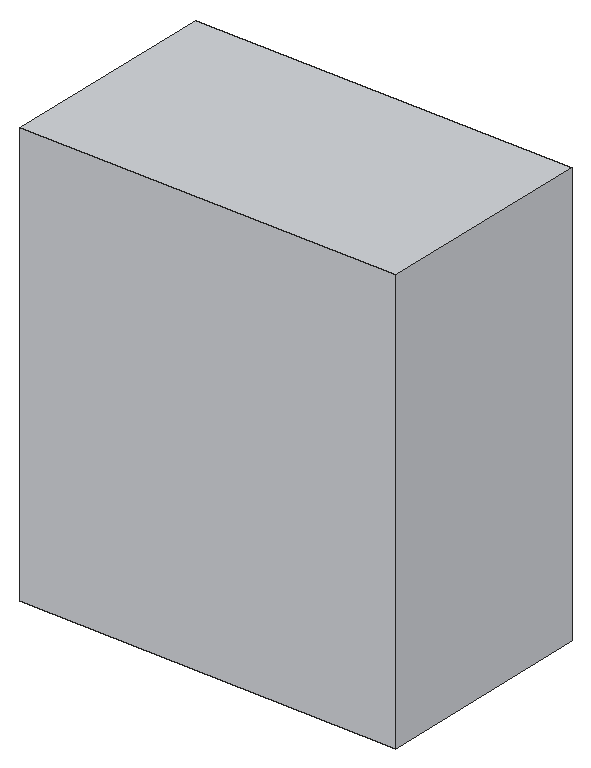
Revit family "KG_W_Lautsprecher_V1700", category Kommunikationsgeräte, Revit 2017
Family settings
  Beschriftungsausrichtung beibehalten = Nein
  Bemaßung runder Anschluss = Durchmesser verwenden
  Teiletyp = Normal
  OmniClass-Nummer = 23.85.10.11.11.21
  OmniClass-Titel = Speakers
  Arbeitsebenenbasiert = Nein
  Immer vertikal = Ja
  Beim Laden mit Abzugskörper schneiden = Ja
  Gemeinsam genutzt = Nein
  Raumberechnungspunkt = Nein
Parameters (values of type "Lautsprecher")
  pbr_Material_KZ = ""
  pbr_Material = none
  pbr_E_Typ = ""
  pbr_E_KZ = ""
  pbr_DINBild = 0
  pbr_Bild = 0
  pbr_3Dx_Delta_Korrekturversatz [instance] = 0 mm
  pbr_3DX_Versatzfaktor [instance] = 0
  pbr_2DY_Versatzfaktor [instance] = 0
  pbr_2DX_Versatzfaktor [instance] = 0
  lfd_STRK [instance] = 0
  cpiFitMatchKey [instance] = "E-AuV LAP"  # constant formula
  Zentrale [instance] = ""
  YFrontversatz [instance] = if(pbr_2DY_Versatzfaktor = 300, 0 mm, pbr_2DY_Versatzfaktor * 300 mm)  # 0 mm
  XSeitenversatz [instance] = if(pbr_2DX_Versatzfaktor = 0, 3000 mm, 3000 mm + (pbr_2DX_Versatzfaktor * 300 mm)) + Eckversatz  # 3000 mm
  X3Dversatz [instance] = 2000 mm
  Typ [instance] = ""
  Text3 [instance] = ""
  Text2 [instance] = ""
  Text1 [instance] = ""
  Planungsbüro Rohling = "www.pbr.de"
  Niveau [instance] = 2000 mm
  Netzart = ""
  Menge(Dosenzahl) [instance] = 0
  Linie/Anschluss [instance] = ""
  Linie [instance] = ""
  Lautsprecher Anbau Typ B = no
  Lautsprecher Anbau Typ A = no
  Lautsprecher = yes
  Lastklassifizierung = none
  Installationsart [instance] = ""
  Info [instance] = ""
  Gewerk [instance] = "ELA"
  Eckversatz = 0 mm
  Bus [instance] = ""
  Betriebsstrom ruhe [instance] = 0
  Betriebsstrom max [instance] = 0
  Aussenlautsprecher = no
  3DX_Versatzkontrolle [instance] = if(pbr_3DX_Versatzfaktor = 0, (pbr_2DX_Versatzfaktor * -1), (((-1 * pbr_3DX_Versatzfaktor) + pbr_2DX_Versatzfaktor) * -1))  # 0
  3DX_Versatz [instance] = 0 mm
Types (4, lengths in mm): name | Lautsprecher Anbau Typ B | Lautsprecher Anbau Typ A | Lautsprecher | Aussenlautsprecher
  Aussenlautsprecher | no | no | no | yes
  Lautsprecher | no | no | yes | no
  Anbau_Lautsprecher_TypB | yes | no | no | no
  Anbau_Lautsprecher_TypA | no | yes | no | no
Reference planes
  plane 1 "Mitte (Vorne/Hinten)": y = 0
  plane 2: z = 0
  plane 3 "Mitte (Links/Rechts)": x = 0
  plane 4: x = -125
  plane 5: x = 125
  plane 6: y = 300
  plane 7 "Schalterhinten": y = 0
  plane 8: x = -3000
  plane 9: x = 0
  plane 10: x = -2000
  plane 11: x = -86.5
  plane 12: x = 86.5
  plane 13: z = 2097.5
  plane 14: z = 1902.5
  plane 15 "SchalterVorne": y = 101
  plane 16 "3DSchalterMitte": x = 0
  plane 17: z = 2000
  plane 18: y = -70
  plane 19: y = -35
  plane 20: z = 2020
  plane 21: z = 1980
  plane 22: x = -20
  plane 23: x = 20
  plane 24: y = 150
  plane 25: x = 0
  plane 26: y = 0
  plane 27: x = 0
  plane 28: y = 0
  plane 29: x = 0
  plane 30: y = 0
  plane 31: x = 0
  plane 32: y = 0
Forms (mm)
  Extrusion 1, solid
    sketch origin (0, 20, 0) x (0, 0, 1) y (-1, 0, 0)
      loop
        line (1902.5, 86.5) -> (1902.5, -86.5) -> (2097.5, -86.5) -> (2097.5, 86.5) -> (1902.5, 86.5)
    from -81 to 20
Dimensions and locks
  plane 4 to plane 5 = 250 mm
  plane 6 to plane 7 "Schalterhinten" = 300 mm
  equal spacing: plane 4, plane 9, plane 5, locked at 125 each
  "XSeitenversatz": plane 8 to plane 9
  plane 8 to plane 3 "Mitte (Links/Rechts)" = 3000 mm
  "YFrontversatz": plane 1 "Mitte (Vorne/Hinten)" to plane 7 "Schalterhinten"
  plane 12 to plane 11 = 173 mm
  plane 13 to plane 14 = 195 mm
  plane 9 to plane 10 = 2000 mm
  equal spacing: plane 12, plane 16 "3DSchalterMitte", plane 11
  "X3Dversatz": plane 16 "3DSchalterMitte" to plane 10
  equal spacing: plane 13, plane 17, plane 14
  "Niveau": plane 17 to level
  locked: plane 1 "Mitte (Vorne/Hinten)" to plane 18 at 70
  plane 15 "SchalterVorne" to plane 1 "Mitte (Vorne/Hinten)" = 101 mm
  equal spacing: plane 18, plane 19, plane 1 "Mitte (Vorne/Hinten)"
  plane 13 to plane 20 = 77.5 mm
  plane 21 to plane 14 = 77.5 mm
  plane 22 to plane 11 = 66.5 mm
  plane 12 to plane 23 = 66.5 mm
  equal spacing: plane 6, plane 24, plane 7 "Schalterhinten"
  plane 14 to plane 17 to plane 13 = 97.5 mm, 97.5 mm
  aligned and locked: level to plane 2
  aligned and locked: plane 14 to Extrusion 1 sketch curve
  aligned and locked: Extrusion 1 sketch curve to plane 11
  aligned and locked: Extrusion 1 sketch curve to plane 13
  aligned and locked: plane 12 to Extrusion 1 sketch curve
  aligned and locked: Extrusion 1 to plane 1 "Mitte (Vorne/Hinten)"
  aligned and locked: Extrusion 1 to plane 15 "SchalterVorne"
  aligned and locked: nested 1 to plane 9
  aligned and locked: nested 1 to plane 7 "Schalterhinten"
  aligned and locked: plane 3 "Mitte (Links/Rechts)" to nested 2
  aligned and locked: plane 3 "Mitte (Links/Rechts)" to nested 3
  aligned and locked: plane 1 "Mitte (Vorne/Hinten)" to nested 3
  aligned and locked: plane 3 "Mitte (Links/Rechts)" to nested 4
  aligned and locked: plane 1 "Mitte (Vorne/Hinten)" to nested 4
Nested families
  nested 1: "Außenlautsprecher" at (0, 0, 0), visible <- "Aussenlautsprecher", type "Außenlautsprecher"
  nested 2: "Lautsprecher (ELA)" at (0, 0, 0) x (0, 1, 0) z (0, 0, 1), visible <- "Lautsprecher", type "Lautsprecher"
  nested 3: "Lautsprecher Anbau Typ A" at (0, 0, 0), visible <- "Lautsprecher Anbau Typ A", type "Lautsprecher Anbau Typ A"
  nested 4: "Lautsprecher Anbau Typ B" at (0, 0, 0), visible <- "Lautsprecher Anbau Typ B", type "Lautsprecher Anbau Typ B"
Connectors
  electrical at (0, 0, 2000)
    settings: on Extrusion 1, index 1, voltage 0 V, apparent load 0 VA, apparent load phase1 0 VA, apparent load phase2 0 VA, apparent load phase3 0 VA, power factor 1, load classification "Sonstige", number of poles 1, system type 14, power factor state 1, is connector primary yes, connector utility no, sub classification motor no, connector description ""
Definition of nested family "Außenlautsprecher"
  Parameters (values of type "Außenlautsprecher")
    Lautsprecher = yes
    Aussenlautsprecher = no
  Reference planes
    plane 1 "Mitte (Vorne/Hinten)": y = 0
    plane 2: z = 0
    plane 3 "Mitte (Links/Rechts)": x = 0
    plane 4: x = 0
    plane 5: y = 0
  Lines and regions (mm)
    detail lines, in view "Referenzebene", visible <- "Lautsprecher"
      curve 1: line (-58.295, 6.036, 0) -> (-58.295, 121.236, 0)
      curve 2: line (-58.295, 121.236, 0) -> (56.905, 121.236, 0)
      curve 3: line (56.905, 121.236, 0) -> (56.905, 6.036, 0)
      curve 4: line (56.905, 6.036, 0) -> (-58.295, 6.036, 0)
      curve 5: line (-58.295, 121.236, 0) -> (-131.938, 317.9, 0)
      curve 6: line (-131.938, 317.9, 0) -> (130.578, 317.889, 0)
      curve 7: line (130.578, 317.889, 0) -> (56.905, 121.236, 0)
    detail lines, in view "Referenzebene"
      curve 8: line (-133.677, 0, 0) -> (133.677, 0, 0)
      curve 9: line (-133.677, 325, 0) -> (-133.677, 0, 0)
      curve 10: line (133.677, 325, 0) -> (-133.677, 325, 0)
      curve 11: line (133.677, 0, 0) -> (133.677, 325, 0)
Definition of nested family "Lautsprecher (ELA)"
  Parameters (values of type "Lautsprecher (ELA)")
    Lautsprecher = yes
    Design-Lautsprecher = yes
    Anbau-Lautsprecher Typ A = yes
  Reference planes
    plane 1 "Mitte (Vorne/Hinten)": y = 0
    plane 2: z = 0
    plane 3 "Mitte (Links/Rechts)": x = 0
  Lines and regions (mm)
    detail lines, in view "Referenzebene", visible <- "Lautsprecher"
      curve 1: line (1.169, 58.368, 0) -> (116.369, 58.368, 0)
      curve 2: line (116.369, 58.368, 0) -> (116.369, -56.832, 0)
      curve 3: line (116.369, -56.832, 0) -> (1.169, -56.832, 0)
      curve 4: line (1.169, -56.832, 0) -> (1.169, 58.368, 0)
      curve 5: line (116.369, 58.368, 0) -> (313.033, 132.011, 0)
      curve 6: line (313.033, 132.011, 0) -> (313.022, -130.505, 0)
      curve 7: line (313.022, -130.505, 0) -> (116.369, -56.832, 0)
Definition of nested family "Lautsprecher Anbau Typ A"
  Parameters (values of type "Lautsprecher Anbau Typ A")
    Anbau-Lautsprecher Typ A = yes
  Reference planes
    plane 1 "Mitte (Vorne/Hinten)": y = 0
    plane 2: z = 0
    plane 3 "Mitte (Links/Rechts)": x = 0
  Lines and regions (mm)
    detail lines, in view "Referenzebene", visible <- "Anbau-Lautsprecher Typ A"
      curve 1: line (124.048, 39.267, 0) -> (110.497, 0, 0)
      curve 2: line (110.497, 0, 0) -> (0, 0, 0)
      curve 3: line (0, 0, 0) -> (0, 82.427, 0)
      curve 4: line (93.794, 66.095, 0) -> (147.45, 126.601, 0)
      curve 5: line (147.45, 126.601, 0) -> (207.957, 72.946, 0)
      curve 6: line (207.957, 72.946, 0) -> (154.301, 12.439, 0)
      curve 7: line (154.301, 12.439, 0) -> (93.794, 66.095, 0)
      curve 8: line (147.45, 126.601, 0) -> (200.369, 264.196, 0)
      curve 9: line (200.369, 264.196, 0) -> (338.246, 141.92, 0)
      curve 10: line (338.246, 141.92, 0) -> (207.957, 72.946, 0)
Definition of nested family "Lautsprecher Anbau Typ B"
  Parameters (values of type "Lautsprecher Anbau Typ B")
    Anbau-Lautsprecher Typ A = yes
  Reference planes
    plane 1 "Mitte (Vorne/Hinten)": y = 0
    plane 2: z = 0
    plane 3 "Mitte (Links/Rechts)": x = 0
  Lines and regions (mm)
    detail lines, in view "Referenzebene", visible <- "Anbau-Lautsprecher Typ A"
      curve 1: line (0, 0, 0) -> (0, 82.427, 0)
      curve 2: line (-124.048, 39.267, 0) -> (-110.497, 0, 0)
      curve 3: line (-110.497, 0, 0) -> (0, 0, 0)
      curve 4: line (-93.794, 66.095, 0) -> (-147.45, 126.601, 0)
      curve 5: line (-147.45, 126.601, 0) -> (-207.957, 72.946, 0)
      curve 6: line (-207.957, 72.946, 0) -> (-154.301, 12.439, 0)
      curve 7: line (-154.301, 12.439, 0) -> (-93.794, 66.095, 0)
      curve 8: line (-147.45, 126.601, 0) -> (-200.369, 264.196, 0)
      curve 9: line (-200.369, 264.196, 0) -> (-338.246, 141.92, 0)
      curve 10: line (-338.246, 141.92, 0) -> (-207.957, 72.946, 0)
